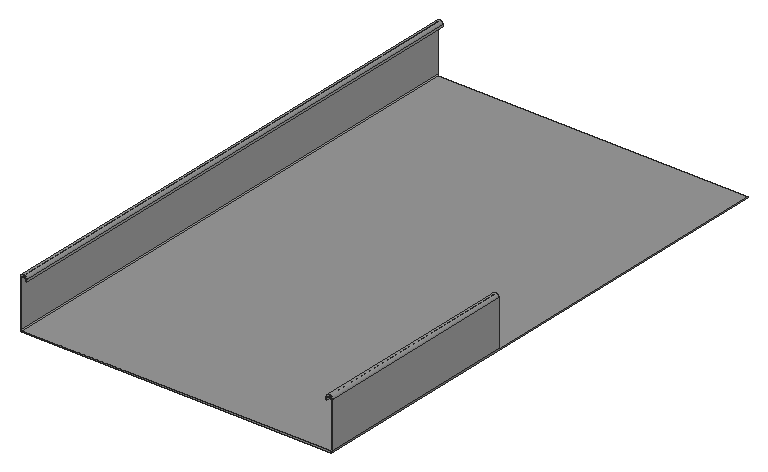
Revit family "Kabelrinne BKRS 1060 90R FS", category Generic Models, Revit 2017
Family settings
  Can host rebar = No
  Round Connector Dimension = Use Diameter
  Part Type = Normal
  Work Plane-Based = No
  Always vertical = Yes
  Cut with Voids When Loaded = No
  Shared = No
  Room Calculation Point = No
Parameters (values of type "BKRS 1060 90R FS")
  Width = 600 mm
  URL = "http://www.obo-bettermann.com"
  Material = Strip galvanised
  Manufacturer Art.No. = "6061940"
  Manufacturer = "OBO BETTERMANN"
  GTIN = "4012196710331"
  Article Type = "BKRS 1060 90R FS"
Reference planes
  plane 1 "Center (Front/Back)": y = 0
  plane 2: z = 0
  plane 3 "Center (Left/Right)": x = 0
  plane 4: y = 1000
  plane 5: y = 700
  plane 6: y = 400
Forms (mm)
  Extrusion 1, solid, material "Strip galvanised" <- "Material"
    sketch origin (0, 0, 0) x (1, 0, 0) y (0, 0, 1)
      loop
        line (3.5, 0) -> (596.5, 0)
        arc (596.5, 0) -> (598.975, 1.025) -> (600, 3.5) r 3.5
        line (600, 3.5) -> (600, 91.947)
        arc (600, 91.947) -> (594, 97.947) -> (588, 91.947) r 6
        line (588, 91.947) -> (588, 89) -> (590, 89) -> (590, 91.947)
        arc (590, 91.947) -> (594, 95.947) -> (598, 91.947) r 4
        line (598, 91.947) -> (598, 3.5)
        arc (598, 3.5) -> (597.561, 2.439) -> (596.5, 2) r 1.5
        line (596.5, 2) -> (3.5, 2)
        arc (3.5, 2) -> (2.439, 2.439) -> (2, 3.5) r 1.5
        line (2, 3.5) -> (2, 91.982)
        arc (2, 91.982) -> (6, 95.982) -> (10, 91.982) r 4
        line (10, 91.982) -> (10, 89) -> (12, 89) -> (12, 91.982)
        arc (12, 91.982) -> (6, 97.982) -> (0, 91.982) r 6
        line (0, 91.982) -> (0, 3.5)
        arc (0, 3.5) -> (1.025, 1.025) -> (3.5, 0) r 3.5
    from 0 to -1000
  Extrusion 2, void
    sketch origin (0, 0, 0) x (1, 0, 0) y (0, 1, 0)
      loop
        line (600, 1000) -> (588, 1000) -> (588, 400) -> (600, 400) -> (600, 1000)
    from 2 to 101.83
Cuts and joins
  Extrusion 2 cuts Extrusion 1
Dimensions and locks
  Extrusion 1 sketch curve to Extrusion 1 sketch curve = 600 mm
  locked: Extrusion 1 sketch curve to Extrusion 1 sketch curve at 97.947
  locked: Extrusion 1 sketch curve to Extrusion 1 sketch curve at 97.982
  locked: Extrusion 1 sketch curve to Extrusion 1 sketch curve at 2  (x3)
  locked: Extrusion 1 sketch curve to Extrusion 1 sketch curve at 8.982
  locked: Extrusion 1 sketch curve to Extrusion 1 sketch curve at 8.947
  locked: Extrusion 1 sketch curve to Extrusion 1 sketch curve at 12  (x2)
  locked: plane 1 "Center (Front/Back)" to plane 4 at 1000
  Extrusion 1 to plane 5 = 300 mm
  "Width": cut or joined group of Extrusion 1, Extrusion 2 to cut or joined group of Extrusion 1, Extrusion 2
  locked: cut or joined group of Extrusion 1, Extrusion 2 to plane 6 at 600
  aligned and locked: level to plane 2
  aligned and locked: plane 1 "Center (Front/Back)" to Extrusion 1
  aligned and locked: Extrusion 1 to plane 4
  aligned and locked: Extrusion 2 to Extrusion 1  (x4)
  aligned and locked: Extrusion 2 to plane 6
Automatic sketch dimensions
  Extrusion 1 sketch curve to Extrusion 1 sketch curve = 0 mm  (x8)
  Extrusion 1 sketch curve to plane 3 "Center (Left/Right)" = 0 mm
  Extrusion 1 sketch curve to level = 0 mm
  Extrusion 1 sketch curve to Extrusion 1 sketch curve = 1.5 mm  (x2)
  Extrusion 2 sketch curve to plane 4 = 0 mm
  Extrusion 2 sketch curve to plane 5 = 300 mm
  plane 3 "Center (Left/Right)" to Extrusion 2 sketch curve = 588 mm
  Extrusion 2 sketch curve to Extrusion 2 sketch curve = 12 mm
